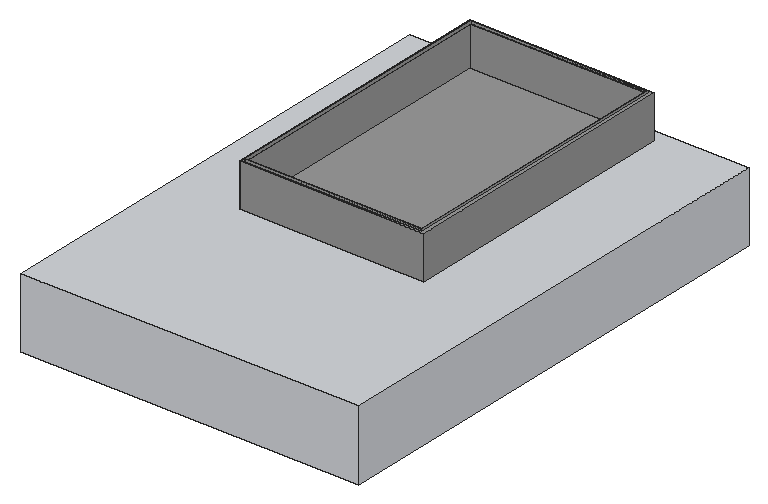
Revit family "Hager-Univers-IP30-D205-H1250-Cl.II-Encl-CH-de", category Equipement électrique, Revit 2020
Family settings
  Hôte = Face
  Configuration du panneau = Deux colonnes, circuits au sein
  Cote de connecteur circulaire = Utiliser le diamètre
  Type d'élément = Tableau de raccordement
  Couper avec des vides une fois chargée = Non
  Partagée = Non
  Point de calcul de pièce = Non
Parameters (values of type "Aufputz IP30 B800 H1250 T205  - FP83Q1S")
  Width Control [instance] = if([EF000008 - Breite] > Min Width, [EF000008 - Breite], Min Width)  # 800 mm
  Commentaires du type = [HG000003 - Bereich]  # "Univers"
  Thickness Door [instance] = if([EF009171 - Materialstärke Tür/Deckel] > 3 mm, 3 mm, [EF009171 - Materialstärke Tür/Deckel])  # 1 mm
  Seal Frame Offset [instance] = 17 mm  # constant formula
  Plinth Visibility [instance] = [HG000027 - Sockelhöhe] > 0 mm  # no
  Model = ""
  Min Width [instance] = 100 mm  # constant formula
  Min Height [instance] = 100 mm  # constant formula
  Min Depth [instance] = (2 * [EF009170 - Materialstärke Gehäuse]) + 1 mm  # 3 mm
  Internal Frame Depth [instance] = (Door System Depth * 0.5)  # 9 mm
  Height Control [instance] = if([EF000040 - Höhe] > Min Height, [EF000040 - Höhe], Min Height)  # 1250 mm
  HG000027 - Sockelhöhe = 0 mm
  HG000026 - Stehend auf dem Boden = no
  HG000024 - Höhe des unteren Teils = 800 mm
  HG000023 - Gehäuse mit doppeltem Querschnitt = no
  HG000016 - 3D-Türsichtbarkeit [instance] = yes
  HG000015 - Sichtbarkeit der Türöffnung [instance] = no
  HG000014 - Tür rechts [instance] = yes
  HG000013 - Tür links [instance] = not([HG000014 - Tür rechts])  # no
  HG000012 - Türschwenkwinkel [instance] = 30.00°
  HG000010 - Asymmetrische Türen = no
  HG000009 - Doppelflügeligen Tür = no
  HG000006 - Unterputz = no
  HG000004 - Herstellerreferenz = "FP83Q1S"
  HG000003 - Bereich = "Univers"
  HG000002 - Mit tür = no
  Frame Offset Bottom [instance] = 10 mm  # constant formula
  Frame Offset [instance] = 15 mm  # constant formula
  EF015940 - Deckel mit Überdruckentlastung = no
  EF011959 - Schutzart (NEMA) = ""
  EF009554 - Anzahl der Öffnungen für Flanschplatten = 6
  Fabricant = "Hager"  # constant formula
  EF009212 - Ausführung Deckel = "EV009916 - mit Ausschnitt"
  EF009171 - Materialstärke Tür/Deckel = 1 mm
  EF009170 - Materialstärke Gehäuse = 1 mm
  EF008873 - Nennstrom (In) = 250 A
  EF007800 - Geeignet für Blitzschutz = no
  EF006306 - Mit Schloss = no
  EF006244 - Transparenter Deckel/Tür = no
  EF005474 - Schutzart (IP) = "EV006410 - IP30"
  EF004464 - Art der Tür = "EV000494 - ohne"
  EF004427 - Anzahl der Module = 288
  EF004293 - Schlagfestigkeit = "EV006813 - IK07"
  EF003532 - Geeignet für Außengebrauch = no
  EF002950 - Breite in Teilungseinheiten = 36
  EF001613 - Funktionserhalt = "EV000494 - ohne"
  EF001596 - Werkstoff des Gehäuses = "EV000179 - Stahl"
  EF001131 - Innentiefe = 130 mm
  EF001088 - Anbaumöglichkeit = yes
  EF000437 - Anzahl der Leitungseinführungen = 6
  EF000339 - Art der Abdeckung = "EV000494 - ohne"
  EF000266 - Anzahl der Reihen = 8
  EF000218 - Einbautiefe = 0 mm
  EF000118 - Mit Montageplatte = no
  EF000116 - RAL-Nummer = "9010"
  EF000049 - Tiefe = 205 mm
  EF000040 - Höhe = 1250 mm
  EF000008 - Breite = 800 mm
  EF000007 - Farbe = "EV000202 - weiß"
  EF000003 - Montageart = "EV000384 - Aufputz"
  Door System Leaf Tolerance [instance] = 1.5 mm  # constant formula
  Door System Depth [instance] = 18 mm  # constant formula
  Door Height [instance] = Height Control - [HG000027 - Sockelhöhe]  # 1250 mm
  Depth Control [instance] = if([EF000049 - Tiefe] > Min Depth, [EF000049 - Tiefe], Min Depth)  # 205 mm
  Default Elevation = 0 mm
  Connector Offset [instance] = Height Control / 2  # 625 mm
  Bottom Top Plate Trim [instance] = 1.5 mm  # constant formula
  Plinth height Ctrl [instance] = if([HG000027 - Sockelhöhe] > 0 mm, [HG000027 - Sockelhöhe], 12 mm)  # 12 mm
Types (5, lengths in mm): name | Width Control | HG000004 - Herstellerreferenz | EF009554 - Anzahl der Öffnungen für Flanschplatten | EF004427 - Anzahl der Module | EF002950 - Breite in Teilungseinheiten | EF000437 - Anzahl der Leitungseinführungen | EF000008 - Breite
  Aufputz IP30 B1050 H1250 T205  - FP84Q1S | 1050 | "FP84Q1S" | 8 | 384 | 48 | 8 | 1050
  Aufputz IP30 B1300 H1250 T205  - FP85Q1S | 1300 | "FP85Q1S" | 10 | 480 | 60 | 10 | 1300
  Aufputz IP30 B300 H1250 T205  - FP81Q1S | 300 | "FP81Q1S" | 2 | 96 | 12 | 2 | 300
  Aufputz IP30 B550 H1250 T205  - FP82Q1S | 550 | "FP82Q1S" | 4 | 192 | 24 | 4 | 550
  Aufputz IP30 B800 H1250 T205  - FP83Q1S | 800 | "FP83Q1S" | 6 | 288 | 36 | 6 | 800
Reference planes
  plane 1 "Center (Front/Back)": y = 0
  plane 2: z = 0
  plane 3 "Center (Left/Right)": x = 0
  plane 4: z = 205
  plane 5: y = 1
  plane 6: y = 625
  plane 7: y = 0
  plane 8: y = 1250
  plane 9: z = 0
  plane 10: x = -385
  plane 11: x = 385
  plane 12: x = 384
  plane 13: x = -384
  plane 14: y = 1249
  plane 15: x = -383
  plane 16: x = -400
  plane 17: x = 383
  plane 18: x = 400
  plane 19: x = 399
  plane 20: x = -399
  plane 21: y = 11
  plane 22: y = 1250
  plane 23: y = 1234
  plane 24: z = 187
  plane 25: z = 1
  plane 26: z = 186
  plane 27: z = 204
Forms (mm)
  Extrusion 1, solid
    sketch origin (0, 0, 0) x (1, 0, 0) y (0, 1, 0)
      loop
        line (-702.964, 1305) -> (-702.964, -811.445) -> (766.763, -811.445) -> (766.763, 1305) -> (-702.964, 1305)
    from 0 to -304.8
  Extrusion 2, solid, material "Hager_Steel_RAL7035_Light_Grey", visible <- "Plinth Visibility", detail levels medium+fine
    sketch origin (0, 0, 0) x (1, 0, 0) y (0, 1, 0)
      loop
        line (-400, 0) -> (400, 0) -> (400, 12) -> (-400, 12) -> (-400, 0)
    from 0 to 187
  Extrusion 3, solid, material "Hager_Steel_RAL7035_Light_Grey", detail levels medium+fine
    sketch origin (0, 0, 0) x (1, 0, 0) y (0, 1, 0)
      loop
        line (-400, 0) -> (400, 0) -> (400, 1250) -> (-400, 1250) -> (-400, 0)
    from 0 to 187
  Extrusion 4, void
    sketch origin (0, 0, 0) x (1, 0, 0) y (0, 1, 0)
      loop
        line (-399, 1) -> (399, 1) -> (399, 1249) -> (-399, 1249) -> (-399, 1)
    from 1 to 186
  Extrusion 5, void
    sketch origin (-381.607, -4572, 187) x (0, -1, 0) y (-1, 0, 0)
      loop
        line (-4583, 2.393) -> (-5806, 2.393) -> (-5806, -765.607) -> (-4583, -765.607) -> (-4583, 2.393)
    from 0 to 1 <- "EF009170 - Materialstärke Gehäuse"
  Extrusion 6, solid, material "Hager_Steel_RAL7035_Light_Grey", detail levels fine
    sketch origin (0, 0, 187) x (1, 0, 0) y (0, 1, 0)
      loop
        line (-384, 1234) -> (-384, 11) -> (384, 11) -> (384, 1234) -> (-384, 1234)
      loop
        line (-385, 10) -> (385, 10) -> (385, 1235) -> (-385, 1235) -> (-385, 10)
    from 0 to 9 <- "Internal Frame Depth"
  Extrusion 7, solid, material "Hager_Steel_RAL7035_Light_Grey", detail levels coarse
    sketch origin (0, 0, 0) x (1, 0, 0) y (0, 1, 0)
      loop
        line (-400, 0) -> (400, 0) -> (400, 1250) -> (-400, 1250) -> (-400, 0)
    from 0 to 205
  Sweep 8, void
    path in 3D
      loop
        line (-400, 12, 0) -> (400, 12, 0) -> (400, 12, 187) -> (-400, 12, 187) -> (-400, 12, 0)
    profile origin (-400, 12, 93.5) x (-1, 0, 0) y (0, -1, 0)
      loop
        line (0, 0) -> (0, 1.5) -> (-1.5, 1.5)
        arc (-1.5, 1.5) -> (-1.061, 0.439) -> (0, 0) r 1.5
Cuts and joins
  Extrusion 4, Extrusion 5 cuts Extrusion 3
  Sweep 8 cuts Extrusion 2
Lines and regions (mm)
  Masking region 1
    outline origin (0, 0, 0) x (1, 0, 0) y (0, 0, 1)
      loop
        line (-400, 205) -> (-400, 0) -> (400, 0) -> (400, 205) -> (-400, 205)
  Masking region 2, detail levels medium+fine
    outline origin (0, 140, 0) x (0, 1, 0) y (0, 0, 1)
      loop
        line (-140, 0) -> (1110, 0) -> (1110, 187) -> (-140, 187) -> (-140, 0)
  Masking region 3, not visible, detail levels medium+fine
    outline origin (0, 297.922, 0) x (0, 1, 0) y (0, 0, 1)
      loop
        line (338.578, 0) -> (378.578, 0) -> (378.578, 194)
        arc (378.578, 194) -> (375.649, 201.071) -> (368.578, 204) r 10
        line (368.578, 204) -> (338.578, 204) -> (338.578, 0)
  Masking region 4, detail levels coarse
    outline origin (0, 0, 180) x (0, 1, 0) y (0, 0, 1)
      loop
        line (0, -180) -> (1250, -180) -> (1250, 25) -> (0, 25) -> (0, -180)
  Masking region 5, visible <- "Plinth Visibility", detail levels medium+fine
    outline origin (0, 52.24, 12.345) x (0, 0, -1) y (0, 1, 0)
      loop
        line (10.845, -40.24) -> (-173.155, -40.24)
        arc (-173.155, -40.24) -> (-173.594, -41.301) -> (-174.655, -41.74) r 1.5
        line (-174.655, -41.74) -> (-174.655, -52.24) -> (12.345, -52.24) -> (12.345, -41.74)
        arc (12.345, -41.74) -> (11.285, -41.301) -> (10.845, -40.24) r 1.5
  Masking region 6, detail levels medium+fine
    outline origin (-381.607, -4572, 187) x (-1, 0, 0) y (0, -1, 0)
      loop
        line (18.393, -5822) -> (18.393, -4572) -> (-781.607, -4572) -> (-781.607, -5822) -> (18.393, -5822)
  Masking region 7, visible <- "Plinth Visibility", detail levels medium+fine
    outline origin (-381.607, -4727, 187) x (-1, 0, 0) y (0, -1, 0)
      loop
        arc (16.893, -4739) -> (17.332, -4737.939) -> (18.393, -4737.5) r 1.5
        line (18.393, -4737.5) -> (18.393, -4727) -> (-781.607, -4727) -> (-781.607, -4737.5)
        arc (-781.607, -4737.5) -> (-780.546, -4737.939) -> (-780.107, -4739) r 1.5
        line (-780.107, -4739) -> (16.893, -4739)
  Masking region 8, detail levels coarse
    outline origin (-442.548, -4669.526, 187) x (-1, 0, 0) y (0, -1, 0)
      loop
        line (-42.548, -5919.526) -> (-42.548, -4669.526) -> (-842.548, -4669.526) -> (-842.548, -5919.526) -> (-42.548, -5919.526)
  sketch lines
    curve 1: line (-400, 12, 187) -> (-400, 12, 0)
    curve 2: line (400, 12, 187) -> (-400, 12, 187)
    curve 3: line (400, 12, 187) -> (400, 12, 0)
    curve 4: line (-400, 12, 0) -> (400, 12, 0)
Dimensions and locks
  "Depth Control": plane 4 to Extrusion 1
  "HG000027 - Sockelhöhe": plane 1 "Center (Front/Back)" to plane 7
  "EF009170 - Materialstärke Gehäuse": plane 5 to plane 7
  locked: connector elem to plane 3 "Center (Left/Right)"
  equal spacing: plane 8, plane 6, plane 7
  locked: connector elem to plane 6
  "EF009170 - Materialstärke Gehäuse": plane 8 to plane 14
  "EF009170 - Materialstärke Gehäuse": plane 10 to plane 13
  "EF009170 - Materialstärke Gehäuse": plane 12 to plane 11
  "Frame Offset": plane 20 to plane 13
  "Frame Offset": plane 12 to plane 19
  "EF009170 - Materialstärke Gehäuse": plane 16 to plane 20
  "EF009170 - Materialstärke Gehäuse": plane 19 to plane 18
  "Seal Frame Offset": plane 16 to plane 15
  "Seal Frame Offset": plane 17 to plane 18
  "Frame Offset Bottom": plane 21 to plane 5
  "Frame Offset": plane 14 to plane 23
  equal spacing: plane 16, plane 3 "Center (Left/Right)", plane 18
  "Width Control": plane 16 to plane 18
  "EF009170 - Materialstärke Gehäuse": plane 4 to plane 27
  "EF009170 - Materialstärke Gehäuse": plane 24 to plane 26
  "EF009170 - Materialstärke Gehäuse": plane 25 to level
  "Door System Depth": plane 4 to plane 24
  "Height Control": plane 1 "Center (Front/Back)" to Extrusion 7 sketch curve
  "Height Control": Masking region 4 sketch curve to plane 1 "Center (Front/Back)"
  "Height Control": plane 1 "Center (Front/Back)" to plane 22
  "Bottom Top Plate Trim": profile plane to Sweep 8 sketch curve
  "Bottom Top Plate Trim": Sweep 8 sketch curve to profile plane
  "Plinth height Ctrl": plane 1 "Center (Front/Back)" to Extrusion 2 sketch curve
  "Plinth height Ctrl": Masking region 5 sketch curve to plane 1 "Center (Front/Back)"
  "Plinth height Ctrl": plane 1 "Center (Front/Back)" to Masking region 7 sketch curve
  "Thickness Door": Extrusion 6 sketch curve to Extrusion 6 sketch curve  (x3)
  "Thickness Door": cut or joined group of Extrusion 3, Extrusion 4, Extrusion 5 to Extrusion 6 sketch curve
  radius of Masking region 3 sketch curve = 10 mm
  "Bottom Top Plate Trim": radius of Masking region 5 sketch curve  (x2)
  "Bottom Top Plate Trim": radius of Sweep 8 sketch curve
  "Bottom Top Plate Trim": radius of Masking region 7 sketch curve  (x2)
  aligned and locked: plane 2 to Extrusion 1
  aligned and locked: level to Extrusion 1
  aligned and locked: level to Masking region 1 sketch curve
  aligned and locked: Masking region 1 sketch curve to plane 18
  aligned and locked: Masking region 1 sketch curve to plane 16
  aligned and locked: plane 7 to Masking region 2 sketch curve
  aligned and locked: level to Masking region 3 sketch curve
  aligned and locked: Masking region 3 sketch curve to plane 27
  aligned and locked: level to Masking region 2 sketch curve
  aligned and locked: plane 1 "Center (Front/Back)" to Extrusion 2 sketch curve
  aligned and locked: Extrusion 3 sketch curve to plane 7
  aligned and locked: plane 16 to Extrusion 3 sketch curve
  aligned and locked: plane 18 to Extrusion 3 sketch curve
  aligned and locked: plane 20 to Extrusion 4 sketch curve
  aligned and locked: plane 19 to Extrusion 4 sketch curve
  aligned and locked: Extrusion 4 sketch curve to plane 5
  aligned and locked: Extrusion 4 to plane 25
  aligned and locked: plane 26 to Extrusion 4
  aligned and locked: plane 24 to Extrusion 3
  aligned and locked: Extrusion 5 sketch curve to plane 21
  aligned and locked: Extrusion 5 sketch curve to plane 13
  aligned and locked: Extrusion 5 sketch curve to plane 12
  aligned and locked: plane 18 to Extrusion 7 sketch curve
  aligned and locked: plane 1 "Center (Front/Back)" to Extrusion 7 sketch curve
  aligned and locked: plane 16 to Extrusion 7 sketch curve
  aligned and locked: plane 4 to Extrusion 7
  aligned and locked: Extrusion 7 to level
  aligned and locked: level to Masking region 4 sketch curve
  aligned and locked: Masking region 4 sketch curve to plane 1 "Center (Front/Back)"
  aligned and locked: Masking region 4 sketch curve to plane 4
  aligned and locked: nested 1 to level
  aligned and locked: nested 1 to plane 16
  aligned and locked: plane 8 to Extrusion 3 sketch curve
  aligned and locked: plane 23 to Extrusion 5 sketch curve
  aligned and locked: plane 14 to Extrusion 4 sketch curve
  aligned and locked: Masking region 2 sketch curve to plane 8
  aligned and locked: level to Masking region 5 sketch curve
  aligned and locked: plane 16 to Extrusion 2 sketch curve
  aligned and locked: plane 18 to Extrusion 2 sketch curve
  aligned and locked: Masking region 5 sketch curve to plane 24
  aligned and locked: Masking region 2 sketch curve to plane 24
  aligned and locked: plane 24 to Extrusion 2
  aligned and locked: profile plane to Sweep 8 sketch curve  (x2)
  aligned and locked: Masking region 6 sketch curve to plane 18
  aligned and locked: Masking region 6 sketch curve to plane 22
  aligned and locked: Masking region 6 sketch curve to plane 16
  aligned and locked: plane 8 to plane 22
  aligned and locked: Masking region 6 sketch curve to plane 7
  aligned and locked: Masking region 7 sketch curve to plane 16
  aligned and locked: Masking region 7 sketch curve to plane 1 "Center (Front/Back)"
  aligned and locked: Masking region 7 sketch curve to plane 18
  aligned and locked: Masking region 8 sketch curve to plane 1 "Center (Front/Back)"
  aligned and locked: Masking region 8 sketch curve to plane 18
  aligned and locked: Masking region 8 sketch curve to plane 22
  aligned and locked: Masking region 8 sketch curve to plane 16
  aligned and locked: nested 2 to plane 7
  aligned and locked: plane 3 "Center (Left/Right)" to nested 2
  aligned and locked: nested 2 to plane 24
  aligned and locked: Extrusion 6 sketch curve to cut or joined group of Extrusion 3, Extrusion 4, Extrusion 5  (x4)
Automatic sketch dimensions
  Extrusion 1 sketch curve to Extrusion 1 sketch curve = 1469.727 mm
  Extrusion 1 sketch curve to Extrusion 1 sketch curve = 2116.445 mm
  Masking region 1 sketch curve to plane 4 = 0 mm
  plane 6 to Masking region 3 sketch curve = 11.5 mm
  Masking region 3 sketch curve to Masking region 3 sketch curve = 30 mm
  Masking region 5 sketch curve to plane 1 "Center (Front/Back)" = 0 mm
Nested families
  nested 1: "Hager_Enclosure_Symbol" at (-400, 0, 0) x (1, 0, 0) z (0, -1, 0), Height <- "Depth Control", Width <- "Width Control", type "Hager_Enclosure_Symbol"
    with Width_Ctrl 800 mm, Width 800 mm, Height_Ctrl 205 mm, Height 205 mm, A_Width_Int 13.453 mm, A_Width 161.438 mm, A_Height_Ctrl 179.375 mm, A_Height 179.375 mm
  nested 2: "EC000058_Univers_Door" at (0, 0, 187) x (1, 0, 0) z (0, 1, 0), Leaf_Tolerance <- "Door System Leaf Tolerance", Angle <- "HG000012 - Türschwenkwinkel", Door_Depth <- "Door System Depth", Door_Left <- "HG000013 - Tür links", Transparent <- "EF006244 - Transparenter Deckel/Tür", Assymetrical <- "HG000010 - Asymmetrische Türen", Width <- "Width Control", Clearance <- "HG000015 - Sichtbarkeit der Türöffnung", Double <- "HG000009 - Doppelflügeligen Tür", 3d_Door <- "HG000016 - 3D-Türsichtbarkeit", Lock_Visibility <- "EF006306 - Mit Schloss", Width_Ctrl <- "Width Control", Door_Right <- "HG000014 - Tür rechts", Door <- "HG000002 - Mit tür", Height <- "Door Height", Thickness <- "Thickness Door", type "EC000058_Univers_Door", detail levels medium+fine
    with min_wh 3 mm, Width_Ctrl 800 mm, Width 800 mm, Transparent no, Thickness 1 mm, Seal_Material Hager_Rubber, Lock_Visibility no, Lock_Material Hager_Plastic_RAL9005_Jet_Black, Leaf_Width 800 mm, Leaf_Tolerance_External_Sides 0 mm, Leaf_Tolerance 1.5 mm, Leaf_Offset 0 mm, Leaf_Height 1247 mm, Leaf_2_Width 800 mm, Leaf_2_Offset 400 mm, Leaf_1_Width 800 mm, Leaf_1_Offset 400 mm, Height_Ctrl 1250 mm, Height 1250 mm, Glass_Material Hager_Glass, Double_Clearance_Ctrl no, Double no, Door_Right_Ctrl no, Door_Right yes, Door_Material Hager_Steel_RAL7035_Light_Grey, Door_Left_Ctrl no, Door_Left no, Door_Depth 18 mm, Door no, Clearance_Material Hager_Clearance, Clearance_Depth 800 mm, Clearance_Ctrl no, Clearance no, Assymetrical no, Angle 30.00°, 3d_Door yes
Connectors
  electrical at (0, 625, 0)
    settings: on plane 9, index 1, voltage 0 V, apparent load 0 VA, apparent load phase1 0 VA, apparent load phase2 0 VA, apparent load phase3 0 VA, power factor 1, load classification "Other", number of poles 1, system type 30, power factor state 1, is connector primary yes, connector utility no, sub classification motor no, connector description ""
Definition of nested family "Hager_Enclosure_Symbol"
  Parameters (values of type "Hager_Enclosure_Symbol")
    Width_Ctrl [instance] = if(Width > 1 mm, Width, 1 mm)  # 102.27 mm
    Width [instance] = 102.27 mm
    Height_Ctrl [instance] = if(Height > 1 mm, Height, 1 mm)  # 66.5 mm
    A_Width_Int [instance] = if(A_Width / 12 > 2 mm, A_Width / 12, 2 mm)  # 4.364 mm
    A_Width [instance] = if(A_Height_Ctrl * 0.9 > 2 mm, A_Height_Ctrl * 0.9, 2 mm)  # 52.369 mm
    A_Height_Ctrl [instance] = if(A_Height > 2 mm, A_Height, 2 mm)  # 58.188 mm
    Height [instance] = 66.5 mm
    A_Height [instance] = Height - (Height / 8)  # 58.188 mm
  Reference planes
    plane 1 "Centre (avant/arrière)": y = 0
    plane 2: z = 0
    plane 3 "Centre (gauche/droite)": x = 0
    plane 4: x = 52.369
    plane 5: y = 33.042
    plane 6: y = 41.77
    plane 7: y = 66.5
    plane 8: x = 26.184
    plane 9: y = 37.406
    plane 10: x = 102.27
    plane 11: y = 66.5
    plane 12: y = 8.313
  Lines and regions (mm)
    Filled region 1, type "Solid_Black", in view "Niveau de réf."
      outline origin (0, 0, 0) x (1, 0, 0) y (0, 1, 0)
        loop
          line (52.369, 66.5) -> (33.188, 54.536) -> (45.365, 45.006) -> (52.369, 66.5)
    Filled region 2, type "Solid_Black", in view "Niveau de réf."
      outline origin (0, 0, 0) x (1, 0, 0) y (0, 1, 0)
        loop
          line (0, 0) -> (102.27, 0) -> (102.27, 66.5) -> (0, 0)
    detail lines, in view "Niveau de réf."
      curve 1: line (0, 8.313, 0) -> (26.184, 41.77, 0)
      curve 2: line (26.184, 41.77, 0) -> (26.184, 33.042, 0)
      curve 3: line (26.184, 33.042, 0) -> (52.369, 66.5, 0)
  Dimensions and locks
    "A_Width": plane 3 "Centre (gauche/droite)" to plane 4
    equal spacing: plane 3 "Centre (gauche/droite)", plane 8, plane 4
    equal spacing: plane 6, plane 9, plane 5
    equal spacing: curve 3, Filled region 1 sketch curve, Filled region 1 sketch curve
    "Height_Ctrl": plane 1 "Centre (avant/arrière)" to plane 11
    "A_Height_Ctrl": plane 11 to plane 12
    equal spacing: plane 11, plane 9, plane 12
    "A_Width_Int": plane 6 to plane 9
    "Width_Ctrl": plane 3 "Centre (gauche/droite)" to plane 10
    angle Filled region 1 sketch curve to curve 3 = 20.00°
    angle curve 3 to Filled region 1 sketch curve = 20.00°
    locked: curve 3 to Filled region 1 sketch curve (angle 90.00°)
    aligned and locked: plane 10 to Filled region 2
    aligned and locked: plane 11 to Filled region 2 sketch curve
    aligned and locked: plane 10 to Filled region 2 sketch curve
    aligned and locked: plane 3 "Centre (gauche/droite)" to curve 1
    aligned and locked: plane 12 to curve 1
    aligned and locked: plane 7 to plane 11
  Automatic sketch dimensions
    Filled region 1 sketch curve to plane 4 = 0 mm
    Filled region 1 sketch curve to plane 7 = 0 mm
    plane 1 "Centre (avant/arrière)" to Filled region 2 sketch curve = 0 mm
    Filled region 2 sketch curve to plane 3 "Centre (gauche/droite)" = 0 mm
    curve 2 to plane 6 = 0 mm
    curve 2 to plane 8 = 0 mm
    curve 3 to plane 4 = 0 mm
    curve 2 to plane 5 = 0 mm
    curve 3 to plane 7 = 0 mm
Definition of nested family "EC000058_Univers_Door"
  Parameters (values of type "EC000058_Univers_Door")
    min_wh [instance] = (2 * Thickness) + 1 mm  # 11 mm
    Width_Ctrl [instance] = 400 mm
    Width [instance] = 500 mm
    Transparent [instance] = yes
    Thickness [instance] = 5 mm
    Seal_Material [instance] = none
    Lock_Visibility [instance] = yes
    Lock_Material [instance] = none
    Leaf_Width [instance] = if((Width_Ctrl - 2 * Leaf_Tolerance_External_Sides) > 0 mm, (Width_Ctrl - 2 * Leaf_Tolerance_External_Sides), min_wh)  # 400 mm
    Leaf_Tolerance_External_Sides [instance] = 0 mm  # constant formula
    Leaf_Tolerance [instance] = 1.5 mm
    Leaf_Offset [instance] = 0 mm  # constant formula
    Leaf_Height [instance] = if((Height_Ctrl - 2 * Leaf_Tolerance) > 0 mm, (Height_Ctrl - 2 * Leaf_Tolerance), min_wh)  # 497 mm
    Leaf_2_Width [instance] = if(and(and(Double, Assymetrical), Door_Left), (Leaf_Width / 3) - (Leaf_Tolerance / 2), if(and(and(Double, Assymetrical), Door_Right), (Leaf_Width / 3) * 2 - (Leaf_Tolerance / 2), if(and(Double, not(Assymetrical)), (Leaf_Width / 2) - Leaf_Tolerance, Leaf_Width)))  # 400 mm
    Leaf_2_Offset [instance] = if(and(Double, Assymetrical), Leaf_2_Width / 2, if(and(Double, not(Assymetrical)), Leaf_Width / 4, Leaf_Width / 2))  # 200 mm
    Leaf_1_Width [instance] = if(and(and(Double, Assymetrical), Door_Right), (Leaf_Width / 3) - (Leaf_Tolerance / 2), if(and(and(Double, Assymetrical), Door_Left), (Width / 3) * 2 - (Leaf_Tolerance / 2), if(and(Double, not(Assymetrical)), (Leaf_Width / 2) - Leaf_Tolerance, Leaf_Width)))  # 400 mm
    Leaf_1_Offset [instance] = if(and(Double, Assymetrical), Leaf_1_Width / 2, if(and(Double, not(Assymetrical)), Leaf_Width / 4, Leaf_Width / 2))  # 200 mm
    Height_Ctrl [instance] = if(Height > min_wh, Height, min_wh)  # 500 mm
    Height [instance] = 500 mm
    Glass_Material [instance] = none
    Double_Clearance_Ctrl [instance] = and(Double, Clearance)  # no
    Double [instance] = no
    Door_Right_Ctrl [instance] = and(or(Door_Right, Double), Door)  # yes
    Door_Right [instance] = yes
    Door_Material [instance] = none
    Door_Left_Ctrl [instance] = and(or(Door_Left, Double), Door)  # no
    Door_Left [instance] = no
    Door_Depth [instance] = 30 mm
    Door [instance] = yes
    Default Elevation = 1219.2 mm
    Clearance_Material [instance] = none
    Clearance_Depth [instance] = if(Leaf_1_Width > Leaf_2_Width, Leaf_1_Width, Leaf_2_Width)  # 400 mm
    Clearance_Ctrl [instance] = and(not(Double), Clearance)  # yes
    Clearance [instance] = yes
    Assymetrical [instance] = yes
    Angle [instance] = 30.00°
    3d_Door [instance] = yes
  Reference planes
    plane 1 "Center (Front/Back)": y = 0
    plane 2 "Bottom": z = 0
    plane 3 "Center (Left/Right)": x = 0
    plane 4: z = 500
    plane 5: x = -200
    plane 6: x = 200
    plane 7: z = 500
    plane 8: x = -200
    plane 9: z = 0
    plane 10: x = 200
    plane 11: y = 0
    plane 12: z = 1.5
    plane 13: x = -600
    plane 14: y = -400
    plane 15: x = 600
    plane 16: x = 0
    plane 17: x = 0
    plane 18: x = -200
    plane 19: x = 200
    plane 20: z = 498.5
  Forms (mm)
    Extrusion 1, solid, material <- "Clearance_Material", visible <- "Double_Clearance_Ctrl"
      sketch origin (1200, 0, 0) x (1, 0, 0) y (0, 0, -1)
        loop
          line (-1800, -498.5) -> (-600, -498.5) -> (-600, 0) -> (-1800, 0) -> (-1800, -498.5)
      from 0 to -400
  Dimensions and locks
    equal spacing: plane 5, plane 3 "Center (Left/Right)", plane 6
    "Width_Ctrl": plane 5 to plane 6
    "Leaf_Offset": plane 5 to plane 8
    "Leaf_Offset": plane 6 to plane 10
    "Leaf_Offset": plane 9 to level
    "Leaf_Offset": plane 4 to plane 7
    "Height_Ctrl": plane 4 to level
    "Leaf_Tolerance": plane 12 to plane 9
    locked: plane 11 to plane 1 "Center (Front/Back)"
    "Leaf_1_Offset": plane 18 to plane 16
    "Leaf_2_Offset": plane 17 to plane 19
    "Leaf_1_Width": plane 13 to plane 8
    "Leaf_2_Width": plane 10 to plane 15
    "Clearance_Depth": plane 14 to plane 1 "Center (Front/Back)"
    "Leaf_Tolerance_External_Sides": plane 8 to plane 18
    "Leaf_Tolerance_External_Sides": plane 19 to plane 10
    "Leaf_Tolerance": plane 7 to plane 20
    aligned and locked: level to plane 2 "Bottom"
    aligned and locked: nested 1 to plane 16
    aligned and locked: nested 2 to plane 17
    aligned and locked: Extrusion 1 to plane 13
    aligned and locked: plane 15 to Extrusion 1
    aligned and locked: Extrusion 1 to plane 14
    aligned and locked: plane 12 to nested 1
    aligned and locked: nested 2 to plane 12
    aligned and locked: Extrusion 1 to plane 11
    aligned and locked: plane 20 to Extrusion 1
    aligned and locked: nested 2 to plane 11
    aligned and locked: nested 1 to plane 11
  Automatic sketch dimensions
    Extrusion 1 sketch curve to level = 0 mm
    plane 5 to Extrusion 1 sketch curve = 400 mm
    plane 6 to Extrusion 1 sketch curve = 400 mm
    Extrusion 1 sketch curve to plane 4 = 1.5 mm
  Nested families
    nested 1: "EC000058_Univers_Door_Leaf" at (0, 0, 1.5), Width <- "Leaf_1_Width", visible <- "Door_Left_Ctrl", Leaf_Height <- "Leaf_Height", Angle <- "Angle", 3d_Door <- "3d_Door", Transparent <- "Transparent", Clearance Material <- "Clearance_Material", Clearance <- "Clearance_Ctrl", Door_Material <- "Door_Material", Glass_Material <- "Glass_Material", Door_Depth <- "Door_Depth", Lock_Material <- "Lock_Material", Seal_Material <- "Seal_Material", Lock_Visibility <- "Lock_Visibility", Thickness <- "Thickness", type "EC000058_Univers_Door_Leaf"
      with Width 400 mm, Transparent_Glass_Offset 30 mm, Transparent_Ctrl yes, Transparent yes, Thickness 5 mm, Standard no, Seal_Material none, Seal_D2 8 mm, Seal_D1 1 mm, Offset_Internal_Frame 10 mm, Lock_Width 20 mm, Lock_Visibility_3d yes, Lock_Visibility yes, Lock_Thickness_3 3 mm, Lock_Thickness_2 1 mm, Lock_Thickness_1 3 mm, Lock_Radius_Offset_2 16 mm, Lock_Radius_Offset_1 15 mm, Lock_Radius_2 5 mm, Lock_Radius 6 mm, Lock_Offset 5 mm, Lock_Material none, Lock_Height 80 mm, Lock_Cover_Top_Offset_2d 17 mm, Lock_Cover_Height -65 mm, Leaf_Height 497 mm, Internal_Seal_Thickness 8 mm, Internal_Seal_Depth_2 4.5 mm, Internal_Frame_Depth 25 mm, Glass_Thickness -1 mm, Glass_Offset -2 mm, Glass_Material none, Door_Material none, Door_Depth 30 mm, Clearance Material none, Clearance yes, Angle_Ctrl 30.00°, Angle 30.00°, 3d_Door yes
    nested 2: "EC000058_Univers_Door_Leaf" at (0, 0, 1.5) x (-1, 0, 0) z (0, 0, 1), Width <- "Leaf_2_Width", visible <- "Door_Right_Ctrl", Leaf_Height <- "Leaf_Height", Angle <- "Angle", 3d_Door <- "3d_Door", Transparent <- "Transparent", Clearance Material <- "Clearance_Material", Clearance <- "Clearance_Ctrl", Door_Material <- "Door_Material", Glass_Material <- "Glass_Material", Door_Depth <- "Door_Depth", Lock_Material <- "Lock_Material", Seal_Material <- "Seal_Material", Lock_Visibility <- "Lock_Visibility", Thickness <- "Thickness", type "EC000058_Univers_Door_Leaf"
      with Width 400 mm, Transparent_Glass_Offset 30 mm, Transparent_Ctrl yes, Transparent yes, Thickness 5 mm, Standard no, Seal_Material none, Seal_D2 8 mm, Seal_D1 1 mm, Offset_Internal_Frame 10 mm, Lock_Width 20 mm, Lock_Visibility_3d yes, Lock_Visibility yes, Lock_Thickness_3 3 mm, Lock_Thickness_2 1 mm, Lock_Thickness_1 3 mm, Lock_Radius_Offset_2 16 mm, Lock_Radius_Offset_1 15 mm, Lock_Radius_2 5 mm, Lock_Radius 6 mm, Lock_Offset 5 mm, Lock_Material none, Lock_Height 80 mm, Lock_Cover_Top_Offset_2d 17 mm, Lock_Cover_Height -65 mm, Leaf_Height 497 mm, Internal_Seal_Thickness 8 mm, Internal_Seal_Depth_2 4.5 mm, Internal_Frame_Depth 25 mm, Glass_Thickness -1 mm, Glass_Offset -2 mm, Glass_Material none, Door_Material none, Door_Depth 30 mm, Clearance Material none, Clearance yes, Angle_Ctrl 30.00°, Angle 30.00°, 3d_Door yes
  Definition of nested family "EC000058_Univers_Door_Leaf"
    Parameters (values of type "EC000058_Univers_Door_Leaf")
      Width [instance] = 2000 mm
      Transparent_Glass_Offset [instance] = 30 mm
      Transparent_Ctrl [instance] = and(Transparent, [3d_Door])  # yes
      Transparent [instance] = yes
      Thickness [instance] = 5 mm
      Standard [instance] = and(not(Transparent), [3d_Door])  # no
      Seal_Material [instance] = none
      Seal_D2 [instance] = 8 mm  # constant formula
      Seal_D1 [instance] = 1 mm  # constant formula
      Offset_Internal_Frame [instance] = 10 mm  # constant formula
      Lock_Width [instance] = 20 mm  # constant formula
      Lock_Visibility_3d [instance] = and(Lock_Visibility, [3d_Door])  # yes
      Lock_Visibility [instance] = yes
      Lock_Thickness_3 [instance] = 3 mm  # constant formula
      Lock_Thickness_2 [instance] = 1 mm  # constant formula
      Lock_Thickness_1 [instance] = 3 mm  # constant formula
      Lock_Radius_Offset_2 [instance] = Lock_Radius_Offset_1 + 1 mm  # 16 mm
      Lock_Radius_Offset_1 [instance] = 15 mm  # constant formula
      Lock_Radius_2 [instance] = Lock_Radius - 1 mm  # 5 mm
      Lock_Radius [instance] = 6 mm  # constant formula
      Lock_Offset [instance] = 5 mm  # constant formula
      Lock_Material [instance] = none
      Lock_Height [instance] = 80 mm  # constant formula
      Lock_Cover_Top_Offset_2d [instance] = Lock_Radius_Offset_2 + 1 mm  # 17 mm
      Lock_Cover_Height [instance] = -(Lock_Height - Lock_Radius_Offset_1)  # -65 mm
      Leaf_Height [instance] = 2720.336 mm
      Internal_Seal_Thickness [instance] = 8 mm  # constant formula
      Internal_Seal_Depth_2 [instance] = 4.5 mm  # constant formula
      Internal_Frame_Depth [instance] = if(Door_Depth - Thickness > 5 mm, Door_Depth - Thickness, 5 mm)  # 25 mm
      Glass_Thickness [instance] = if(Thickness > 15 mm, Glass_Offset + 10 mm, -1 mm)  # -1 mm
      Glass_Offset [instance] = if(Thickness > 15 mm, -(Thickness + 10 mm) / 2, -2 mm)  # -2 mm
      Glass_Material [instance] = none
      Door_Material [instance] = none
      Door_Depth [instance] = 30 mm
      Default Elevation = 0 mm
      Clearance Material [instance] = none
      Clearance [instance] = yes
      Angle_Ctrl [instance] = if(Angle > 180.00°, 180.00°, Angle)  # 90.00°
      Angle [instance] = 90.00°
      3d_Door [instance] = yes
    Reference planes
      plane 1 "Center (Front/Back)": y = 0
      plane 2: z = 0
      plane 3 "Center (Left/Right)": x = 0
      plane 4: y = 2000
      plane 5: x = -1000
      plane 6: x = 1000
      plane 7: x = -3000
      plane 8: z = 2720.336
      plane 9: z = 30
      plane 10: z = 2690.336
      plane 11: x = 970
      plane 12: x = -970
      plane 13: y = -3
      plane 14: z = 107.833
      plane 15: y = -5
      plane 16: y = -223.314
      plane 17: x = -1000
      plane 18: z = 1360.168
      plane 19: y = 30
    Forms (mm)
      Extrusion 1, solid, material <- "Clearance Material", visible <- "Clearance"
        sketch origin (0, 0, 0) x (1, 0, 0) y (0, 0, 1)
          loop
            line (-3000, 2720.336) -> (-3000, 0) -> (1000, 0) -> (1000, 2720.336) -> (-3000, 2720.336)
        from 0 to -2000
      Extrusion 2, solid, material <- "Door_Material", visible <- "Standard", detail levels medium+fine
        sketch origin (-1000, 0, 0) x (0, 1, 0) y (-1, 0, 0)
          loop
            line (0, 30) -> (0, 25) -> (2000, 25) -> (2000, 30) -> (0, 30)
        from 0 to 2720.336 <- "Leaf_Height"
      Extrusion 3, solid, material <- "Door_Material", visible <- "Transparent_Ctrl", detail levels medium+fine
        sketch origin (-1000, 0, 0) x (0, 1, 0) y (-1, 0, 0)
          loop
            line (0, 25) -> (2000, 25) -> (2000, 30) -> (0, 30) -> (0, 25)
        from 0 to 2720.336 <- "Leaf_Height"
      Extrusion 4, void
        sketch origin (-1025, 2000, 0) x (0, 1, 0) y (0, 0, -1)
          loop
            line (-30, -2690.336) -> (-30, -30) -> (-1970, -30) -> (-1970, -2690.336) -> (-30, -2690.336)
        from 0 to 5 <- "Thickness"
      Sweep 5, solid, material <- "Seal_Material", visible <- "Transparent_Ctrl", detail levels fine
        path in 3D
          loop
            line (-1025, 30, 30) -> (-1025, 30, 2690.336) -> (-1025, 1970, 2690.336) -> (-1025, 1970, 30) -> (-1025, 30, 30)
        profile origin (-1025, 1000, 30) x (1, 0, 0) y (0, 0, 1)
          loop
            line (0, 0) -> (0, -8) -> (1, -8) -> (1, 0) -> (0, 0)
      Extrusion 6, solid, material <- "Glass_Material", visible <- "Transparent_Ctrl", detail levels medium+fine
        sketch origin (-1030, 0, 0) x (0, 1, 0) y (0, 0, -1)
          loop
            line (1970, -2690.336) -> (1970, -30) -> (30, -30) -> (30, -2690.336) -> (1970, -2690.336)
        from -2 <- "Glass_Offset" to -1 <- "Glass_Thickness"
      Extrusion 7, solid, material <- "Door_Material", visible <- "3d_Door", detail levels medium+fine
        sketch origin (-1025, 2000, 0) x (0, -1, 0) y (0, 0, -1)
          loop
            line (0, -2720.336) -> (2000, -2720.336) -> (2000, 0) -> (0, 0) -> (0, -2720.336)
          loop
            line (1995, -5) -> (5, -5) -> (5, -2715.336) -> (1995, -2715.336) -> (1995, -5)
        from 0 to 25 <- "Internal_Frame_Depth"
      Sweep 8, solid, material <- "Seal_Material", visible <- "Transparent_Ctrl", detail levels fine
        path in 3D
          loop
            line (-1025, 0, 0) -> (-1025, 2000, 0) -> (-1025, 2000, 2720.336) -> (-1025, 0, 2720.336) -> (-1025, 0, 0)
        profile origin (-1025, 0, 1360.168) x (1, 0, 0) y (0, 1, 0)
          loop
            line (0, 10) -> (2.975, 10)
            arc (2.975, 10) -> (4.053, 10.447) -> (4.5, 11.525) r 1.525
            line (4.5, 11.525) -> (4.5, 16.527)
            arc (4.5, 16.527) -> (4.069, 17.569) -> (3.027, 18) r 1.473
            line (3.027, 18) -> (0, 18) -> (0, 10)
      Extrusion 9, solid, material <- "Lock_Material", visible <- "Lock_Visibility_3d", detail levels fine
        sketch origin (-1030, 0, 0) x (0, 1, 0) y (0, 0, -1)
          loop
            arc (1993.5, -1400.168) -> (1994.561, -1399.729) -> (1995, -1398.668) r 1.5
            line (1995, -1398.668) -> (1995, -1320.168) -> (1975, -1320.168) -> (1975, -1398.668)
            arc (1975, -1398.668) -> (1975.439, -1399.729) -> (1976.5, -1400.168) r 1.5
            line (1976.5, -1400.168) -> (1993.5, -1400.168)
        from 3 <- "Lock_Thickness_1" to 0
      Blend 10, solid, material <- "Lock_Material", visible <- "Lock_Visibility_3d", detail levels fine
        base sketch origin (-1033, 0, 0) x (0, 1, 0) y (0, 0, -1)
          loop
            line (1975, -1320.168) -> (1975, -1398.668)
            arc (1975, -1398.668) -> (1975.439, -1399.729) -> (1976.5, -1400.168) r 1.5
            line (1976.5, -1400.168) -> (1993.5, -1400.168)
            arc (1993.5, -1400.168) -> (1994.561, -1399.729) -> (1995, -1398.668) r 1.5
            line (1995, -1398.668) -> (1995, -1320.168) -> (1975, -1320.168)
        top sketch origin (-1033, 0, 0) x (0, 1, 0) y (0, 0, -1)
          loop
            line (1976, -1320.168) -> (1976, -1398.668)
            arc (1976, -1398.668) -> (1976.146, -1399.022) -> (1976.5, -1399.168) r 0.5
            line (1976.5, -1399.168) -> (1993.5, -1399.168)
            arc (1993.5, -1399.168) -> (1993.854, -1399.022) -> (1994, -1398.668) r 0.5
            line (1994, -1398.668) -> (1994, -1320.168) -> (1976, -1320.168)
        from 0 to 1 <- "Lock_Thickness_2"
      Blend 11, solid, material <- "Lock_Material", visible <- "Lock_Visibility_3d", detail levels fine
        base sketch origin (-1034, 0, 0) x (0, 1, 0) y (0, 0, -1)
          loop
            line (1978, -1320.168) -> (1978, -1384.168)
            arc (1978, -1384.168) -> (1985, -1391.168) -> (1992, -1384.168) r 7
            line (1992, -1384.168) -> (1992, -1320.168) -> (1978, -1320.168)
        top sketch origin (-1034, 0, 0) x (0, 1, 0) y (0, 0, -1)
          loop
            line (1991, -1320.168) -> (1979, -1320.168) -> (1979, -1383.168)
            arc (1979, -1383.168) -> (1985, -1389.168) -> (1991, -1383.168) r 6
            line (1991, -1383.168) -> (1991, -1320.168)
        from 0 to 3 <- "Lock_Thickness_3"
      Extrusion 12, solid, material <- "Lock_Material", visible <- "Lock_Visibility_3d", detail levels fine
        sketch origin (-1030, 1975, 1320.168) x (1, 0, 0) y (0, -1, 0)
          loop
            line (-7, -19) -> (-7, -1) -> (0, -1) -> (0, 0) -> (-8, 0) -> (-8, -20) -> (0, -20) -> (0, -19) -> (-7, -19)
        from 0 to -65 <- "Lock_Cover_Height"
      Extrusion 13, void
        sketch origin (-1038, 1995, 1320.168) x (-1, 0, 0) y (0, 0, -1)
          loop
            line (-5, -65) -> (0, -65) -> (-5, -60) -> (-5, -65)
        from 0 to 20 <- "Lock_Width"
      Extrusion 14, void
        sketch origin (-1038, 1975, 1320.168) x (0, -1, 0) y (0, 0, -1)
          loop
            circle (-10, -15.995) r 6
          loop
            circle (-10, -15.995) r 5
        from 0 to 2
      Extrusion 15, solid, material <- "Lock_Material", visible <- "Lock_Visibility_3d", detail levels medium
        sketch origin (-1030, 0, 0) x (0, 1, 0) y (0, 0, -1)
          loop
            arc (1993.5, -1400.168) -> (1994.561, -1399.729) -> (1995, -1398.668) r 1.5
            line (1995, -1398.668) -> (1995, -1320.168) -> (1975, -1320.168) -> (1975, -1398.668)
            arc (1975, -1398.668) -> (1975.439, -1399.729) -> (1976.5, -1400.168) r 1.5
            line (1976.5, -1400.168) -> (1993.5, -1400.168)
        from 8 to 0
    Cuts and joins
      Extrusion 4 cuts Extrusion 3
      Extrusion 13, Extrusion 14 cuts Extrusion 9
      Extrusion 14 cuts Blend 11
      Extrusion 13, Extrusion 14 cuts Extrusion 12
      joined: Extrusion 9, Blend 10, Blend 11, Extrusion 12
      Extrusion 14 cuts Extrusion 15
    Lines and regions (mm)
      Masking region 1, visible <- "Lock_Visibility", detail levels fine
        outline origin (0, 0, 0) x (0, 1, 0) y (0, 0, 1)
          loop
            line (30, 1320.168) -> (33, 1320.168) -> (33, 1400.168) -> (30, 1400.168) -> (30, 1320.168)
      Masking region 2, visible <- "Lock_Visibility", detail levels fine
        outline origin (0, 3.143, 0) x (0, 1, 0) y (0, 0, 1)
          loop
            line (29.857, 1354.168) -> (30.857, 1354.168) -> (30.857, 1366.168) -> (29.857, 1366.168) -> (29.857, 1354.168)
      Masking region 3, detail levels medium+fine
        outline origin (0, 0, 0) x (0, 1, 0) y (0, 0, 1)
          loop
            line (0, 0) -> (30, 0) -> (30, 2720.336) -> (0, 2720.336) -> (0, 0)
      Masking region 4, detail levels medium+fine
        outline origin (0, 0, 0) x (1, 0, 0) y (0, 0, 1)
          loop
            line (-1000, 2720.336) -> (-1000, 0) -> (1000, 0) -> (1000, 2720.336) -> (-1000, 2720.336)
      Masking region 5, visible <- "Lock_Visibility", detail levels fine
        outline origin (-47.116, 0, 0) x (1, 0, 0) y (0, 0, 1)
          loop
            arc (1024.616, 1399.168) -> (1023.556, 1398.729) -> (1023.116, 1397.668) r 1.5
            line (1023.116, 1397.668) -> (1023.116, 1320.168) -> (1041.116, 1320.168) -> (1041.116, 1397.668)
            arc (1041.116, 1397.668) -> (1040.677, 1398.729) -> (1039.616, 1399.168) r 1.5
            line (1039.616, 1399.168) -> (1024.616, 1399.168)
      Masking region 6, visible <- "Lock_Visibility", detail levels medium+fine
        outline origin (-25, 0, 0) x (1, 0, 0) y (0, 0, 1)
          loop
            arc (1001.5, 1400.168) -> (1000.439, 1399.729) -> (1000, 1398.668) r 1.5
            line (1000, 1398.668) -> (1000, 1320.168) -> (1020, 1320.168) -> (1020, 1398.668)
            arc (1020, 1398.668) -> (1019.561, 1399.729) -> (1018.5, 1400.168) r 1.5
            line (1018.5, 1400.168) -> (1001.5, 1400.168)
      Masking region 7, visible <- "Lock_Visibility", detail levels fine
        outline origin (-73.735, 0, 0) x (1, 0, 0) y (0, 0, 1)
          loop
            line (1051.735, 1382.168) -> (1065.735, 1382.168) -> (1065.735, 1384.168)
            arc (1065.735, 1384.168) -> (1058.735, 1391.168) -> (1051.735, 1384.168) r 7
            line (1051.735, 1384.168) -> (1051.735, 1382.168)
      Masking region 8, visible <- "Lock_Visibility", detail levels fine
        outline origin (-73.735, 0, 0) x (1, 0, 0) y (0, 0, 1)
          loop
            line (1052.735, 1382.168) -> (1064.735, 1382.168) -> (1064.735, 1383.168)
            arc (1064.735, 1383.168) -> (1058.735, 1389.168) -> (1052.735, 1383.168) r 6
            line (1052.735, 1383.168) -> (1052.735, 1382.168)
      Masking region 9, visible <- "Lock_Visibility", detail levels fine
        outline origin (-25, 0, 0) x (1, 0, 0) y (0, 0, 1)
          loop
            line (1020, 1320.168) -> (1020, 1382.168) -> (1000, 1382.168) -> (1000, 1320.168) -> (1020, 1320.168)
      Masking region 10, detail levels medium+fine
        outline origin (0, 0, 0) x (1, 0, 0) y (0, 0, 1)
          loop
            circle (985, 1335.144) r 6
      Masking region 11, detail levels fine
        outline origin (0, 0, 0) x (1, 0, 0) y (0, 0, 1)
          loop
            circle (985, 1335.144) r 5
      Masking region 12, visible <- "Lock_Visibility", detail levels fine
        outline origin (0, 12.767, 0) x (0, 1, 0) y (0, 0, 1)
          loop
            line (20.233, 1320.168) -> (21.233, 1320.168) -> (21.233, 1399.168) -> (20.233, 1400.168) -> (20.233, 1320.168)
      Masking region 13, visible <- "Lock_Visibility", detail levels fine
        outline origin (0, 13.767, -10) x (0, 1, 0) y (0, 0, 1)
          loop
            line (20.233, 1330.168) -> (23.233, 1330.168) -> (23.233, 1399.168) -> (20.233, 1402.168) -> (20.233, 1330.168)
      Masking region 14, visible <- "Lock_Visibility", detail levels fine
        outline origin (0, 12.767, -10) x (0, 1, 0) y (0, 0, 1)
          loop
            line (20.233, 1330.168) -> (25.233, 1330.168) -> (25.233, 1399.305) -> (20.233, 1394.305) -> (20.233, 1330.168)
      Masking region 15, visible <- "Lock_Visibility", detail levels medium
        outline origin (0, 0, 0) x (0, 1, 0) y (0, 0, 1)
          loop
            line (30, 1320.168) -> (38, 1320.168) -> (38, 1400.168) -> (30, 1400.168) -> (30, 1320.168)
      Masking region 16, visible <- "Lock_Visibility", detail levels fine
        outline origin (-1000, 0, 0) x (0, 1, 0) y (-1, 0, 0)
          loop
            line (1975, 30) -> (1995, 30) -> (1995, 38) -> (1975, 38) -> (1975, 30)
          loop
            line (1979, 37) -> (1976, 37) -> (1976, 34) -> (1978, 34) -> (1979, 37)
          loop
            line (1994, 37) -> (1991, 37) -> (1992, 34) -> (1994, 34) -> (1994, 37)
      Masking region 17, visible <- "Lock_Visibility", detail levels medium
        outline origin (-1000, 0, 0) x (0, 1, 0) y (-1, 0, 0)
          loop
            line (1975, 30) -> (1995, 30) -> (1995, 38) -> (1975, 38) -> (1975, 30)
      symbolic lines
        curve 1: line (1000, 0, 0) -> (-3000, 0, 0)
        curve 2: arc (1000, 0, 0) -> (-1000, 2000, 0) -> (-3000, 0, 0) r 2000
        curve 4: line (-1030, 0, 0) -> (-1030, 2000, 0)
      reference lines
        curve 3: line (-1000, 0, 0) -> (-1000, 2000, 0)
      symbolic lines, detail levels medium+fine
        curve 5: line (-1030, 2000, 0) -> (-1025, 2000, 0)
        curve 7: line (-1025, 0, 0) -> (-1030, 0, 0)
        curve 8: line (-1025, 0, 0) -> (-1000, 0, 0)
        curve 9: line (-1000, 0, 0) -> (-1000, 2000, 0)
        curve 10: line (-1000, 2000, 0) -> (-1025, 2000, 0)
      symbolic lines, detail levels fine
        curve 6: line (-1025, 2000, 0) -> (-1025, 0, 0)
      sketch lines
        curve 11: line (-1025, 0, 2720.336) -> (-1025, 0, 0)
        curve 12: line (-1025, 2000, 0) -> (-1025, 0, 0)
        curve 13: line (-1025, 2000, 2720.336) -> (-1025, 2000, 0)
        curve 14: line (-1025, 0, 2720.336) -> (-1025, 2000, 2720.336)
        curve 15: line (-1025, 1970, 30) -> (-1025, 30, 30)
        curve 16: line (-1025, 30, 30) -> (-1025, 30, 2690.336)
        curve 17: line (-1025, 1970, 2690.336) -> (-1025, 1970, 30)
        curve 18: line (-1025, 30, 2690.336) -> (-1025, 1970, 2690.336)
      symbolic lines, visible <- "Transparent", detail levels medium+fine
        curve 19: line (-970, 0, 2690.336) -> (970, 0, 2690.336)
        curve 20: line (-970, 0, 30) -> (-970, 0, 2690.336)
        curve 21: line (970, 0, 30) -> (-970, 0, 30)
        curve 22: line (970, 0, 2690.336) -> (970, 0, 30)
    Dimensions and locks
      "Width": plane 1 "Center (Front/Back)" to plane 4
      equal spacing: plane 5, plane 3 "Center (Left/Right)", plane 6
      "Width": plane 5 to plane 6
      "Width": plane 7 to plane 5
      "Leaf_Height": plane 8 to level
      "Width": curve 5 to curve 3
      "Width": curve 3 to curve 3
      plane 8 to plane 10 = 30 mm
      plane 9 to level = 30 mm
      plane 12 to plane 5 = 30 mm
      plane 6 to plane 11 = 30 mm
      Extrusion 1 to Extrusion 4 sketch curve = 30 mm
      "Transparent_Glass_Offset": curve 3 to Extrusion 4 sketch curve
      "Transparent_Glass_Offset": Extrusion 4 sketch curve to cut or joined group of Extrusion 3, Extrusion 4  (x2)
      cut or joined group of Extrusion 3, Extrusion 4 to Extrusion 6 sketch curve = 30 mm
      "Transparent_Glass_Offset": cut or joined group of Extrusion 3, Extrusion 4 to Extrusion 4 sketch curve
      "Thickness": curve 6 to curve 4
      "Thickness": Extrusion 7 sketch curve to Extrusion 7 sketch curve  (x4)
      "Door_Depth": curve 4 to curve 3
      "Offset_Internal_Frame": profile plane to Sweep 8 sketch curve
      "Internal_Seal_Thickness": Sweep 8 sketch curve to Sweep 8 sketch curve
      "Internal_Seal_Depth_2": profile plane to Sweep 8 sketch curve
      "Seal_D1": profile plane to Sweep 5 sketch curve
      "Seal_D2": profile plane to Sweep 5 sketch curve
      "Thickness": Extrusion 2 sketch curve to Extrusion 2 sketch curve
      equal spacing: Extrusion 9 sketch curve, plane 18, Extrusion 9 sketch curve  (x2)
      equal spacing: Masking region 1 sketch curve, plane 18, Masking region 1 sketch curve
      "Lock_Height": Masking region 1 sketch curve to Masking region 1 sketch curve
      "Lock_Radius": Masking region 2 sketch curve to plane 18 to Masking region 2 sketch curve
      Masking region 2 sketch curve to Masking region 1 = 1 mm
      "Door_Depth": plane 19 to plane 1 "Center (Front/Back)"
      "Lock_Thickness_1": Masking region 1 sketch curve to plane 19
      "Lock_Width": Extrusion 9 sketch curve to Extrusion 9 sketch curve
      "Lock_Height": Extrusion 9 sketch curve to Extrusion 9 sketch curve
      "Lock_Offset": cut or joined group of Extrusion 3, Extrusion 4 to Extrusion 9 sketch curve
      equal spacing: plane 8, plane 18, level
      "Lock_Radius_Offset_1": Blend 11 sketch curve to Blend 10
      locked: Blend 10 to Blend 11 sketch curve at 2  (x2)
      locked: var sketch to Blend 11 sketch curve at 1  (x2)
      "Lock_Radius_Offset_2": Blend 11 sketch curve to Blend 10
      locked: Extrusion 12 sketch curve to Extrusion 12 sketch curve at 1  (x3)
      Masking region 6 sketch curve to Masking region 6 sketch curve = 80 mm
      "Lock_Height": Masking region 6 sketch curve to Masking region 6 sketch curve
      "Lock_Width": Masking region 6 sketch curve to Masking region 6 sketch curve
      locked: Masking region 6 to Masking region 5 sketch curve at 1  (x3)
      locked: Masking region 5 to Masking region 7 sketch curve at 2  (x2)
      "Lock_Radius_Offset_1": Masking region 5 to Masking region 7 sketch curve
      "Lock_Radius_Offset_2": Masking region 5 to Masking region 8 sketch curve
      locked: Masking region 7 to Masking region 8 sketch curve at 1  (x2)
      "Lock_Cover_Top_Offset_2d": Masking region 5 to Masking region 9 sketch curve
      equal spacing: Masking region 9, Masking region 10 sketch curve, Masking region 9
      equal spacing: Masking region 9, Masking region 11 sketch curve, Masking region 9
      Extrusion 15 sketch curve to Extrusion 15 sketch curve = 80 mm
      "Lock_Width": Extrusion 15 sketch curve to Extrusion 15 sketch curve
      "Lock_Height": Extrusion 15 sketch curve to Extrusion 15 sketch curve
      equal spacing: Extrusion 15 sketch curve, plane 18, Extrusion 15 sketch curve
      "Lock_Thickness_3": Masking region 13 sketch curve to Masking region 13 sketch curve
      "Lock_Height": Masking region 12 sketch curve to Masking region 12 sketch curve
      locked: Masking region 13 sketch curve to Masking region 1 at 8
      locked: Masking region 14 sketch curve to Masking region 13 at 1
      locked: Masking region 14 sketch curve to Masking region 1 at 10.863
      "Lock_Height": Masking region 15 sketch curve to Masking region 15 sketch curve
      "Lock_Offset": Extrusion 15 sketch curve to cut or joined group of Extrusion 3, Extrusion 4
      "Lock_Offset": plane 6 to Masking region 6 sketch curve
      radius of Sweep 8 sketch curve = 1.525 mm
      radius of Sweep 8 sketch curve = 1.473 mm
      radius of Extrusion 9 sketch curve = 1.5 mm  (x2)
      "Lock_Radius": radius of Extrusion 14 sketch curve
      "Lock_Radius_2": radius of Extrusion 14 sketch curve
      "Lock_Radius": radius of Masking region 10 sketch curve
      "Lock_Radius_2": radius of Masking region 11 sketch curve
      radius of Extrusion 15 sketch curve = 1.5 mm  (x2)
      "Angle_Ctrl": angle plane 1 "Center (Front/Back)" to curve 3
      locked: Masking region 12 sketch curve to Masking region 12 sketch curve (angle 45.00°)
      locked: Masking region 13 sketch curve to Masking region 13 sketch curve (angle 45.00°)
      locked: Masking region 14 sketch curve to Masking region 14 sketch curve (angle 45.00°)
      aligned and locked: level to plane 2
      aligned and locked: Extrusion 1 to curve 1
      aligned and locked: plane 6 to Extrusion 1
      aligned and locked: Extrusion 1 to plane 1 "Center (Front/Back)"
      aligned and locked: plane 4 to Extrusion 1
      aligned and locked: plane 8 to Extrusion 1
      aligned and locked: curve 7 to Extrusion 2 sketch curve
      aligned and locked: curve 5 to Extrusion 2 sketch curve
      aligned and locked: curve 7 to Extrusion 3 sketch curve
      aligned and locked: Extrusion 3 sketch curve to curve 4
      aligned and locked: Extrusion 3 sketch curve to curve 6
      aligned and locked: Extrusion 3 sketch curve to curve 5
      aligned and locked: curve 9 to curve 3
      aligned and locked: Extrusion 7 sketch curve to cut or joined group of Extrusion 3, Extrusion 4  (x4)
      aligned and locked: plane 17 to curve 3
      aligned and locked: plane 1 "Center (Front/Back)" to curve 3
      aligned and locked: plane 17 to plane 5
      aligned and locked: Sweep 8 sketch curve to profile plane
      aligned and locked: Sweep 5 sketch curve to profile plane  (x2)
      aligned and locked: Masking region 1 to Masking region 2 sketch curve
      aligned and locked: plane 19 to Masking region 1 sketch curve
      aligned and locked: plane 1 "Center (Front/Back)" to Masking region 3 sketch curve
      aligned and locked: plane 19 to Masking region 3 sketch curve
      aligned and locked: level to Masking region 3 sketch curve
      aligned and locked: Masking region 3 sketch curve to plane 8
      aligned and locked: plane 17 to Masking region 4 sketch curve
      aligned and locked: level to Masking region 4 sketch curve
      aligned and locked: Masking region 4 sketch curve to plane 8
      aligned and locked: plane 12 to curve 20
      aligned and locked: plane 10 to curve 19
      aligned and locked: plane 11 to curve 22
      aligned and locked: curve 21 to plane 9
      aligned and locked: Extrusion 2 sketch curve to cut or joined group of Extrusion 3, Extrusion 4
      aligned and locked: Blend 10 sketch curve to Extrusion 9  (x4)
      aligned and locked: Extrusion 9 to Blend 10 sketch curve
      aligned and locked: Blend 10 to Blend 11 sketch curve
      aligned and locked: Extrusion 12 sketch curve to Blend 11
      aligned and locked: Extrusion 12 sketch curve to Extrusion 9  (x4)
      aligned and locked: Masking region 5 sketch curve to Masking region 6
      aligned and locked: Masking region 9 sketch curve to Masking region 6  (x3)
      aligned and locked: Masking region 12 sketch curve to Masking region 1
      aligned and locked: Masking region 13 sketch curve to Masking region 1
      aligned and locked: Masking region 12 to Masking region 14
      aligned and locked: Masking region 14 sketch curve to Masking region 1
      aligned and locked: Masking region 15 sketch curve to Masking region 14
      aligned and locked: Masking region 13 sketch curve to Masking region 12
      aligned and locked: Masking region 16 sketch curve to cut or joined group of Extrusion 14, Extrusion 15  (x4)
      aligned and locked: Masking region 16 sketch curve to cut or joined group of Extrusion 9, Blend 10, Blend 11, Extrusion 12, Extrusion 13, Extrusion 14  (x6)
      aligned and locked: cut or joined group of Extrusion 9, Blend 10, Blend 11, Extrusion 12, Extrusion 13, Extrusion 14 to Masking region 16 sketch curve
      aligned and locked: Masking region 17 sketch curve to cut or joined group of Extrusion 14, Extrusion 15  (x3)
      aligned and locked: Masking region 17 sketch curve to cut or joined group of Extrusion 9, Blend 10, Blend 11, Extrusion 12, Extrusion 13, Extrusion 14
      aligned and locked: Masking region 9 to Masking region 8 sketch curve
      aligned and locked: Masking region 9 to Masking region 7 sketch curve
    Automatic sketch dimensions
      plane 1 "Center (Front/Back)" to curve 2 = 0 mm
      curve 2 to plane 5 = 0 mm
      Extrusion 1 sketch curve to level = 0 mm
      Extrusion 1 sketch curve to plane 7 = 0 mm
      Extrusion 1 sketch curve to plane 6 = 0 mm
      Extrusion 1 sketch curve to plane 8 = 0 mm
      Extrusion 3 to Extrusion 6 sketch curve = 30 mm  (x4)
      Masking region 4 sketch curve to plane 6 = 0 mm
      Blend 10 sketch curve to Extrusion 9 = 1.5 mm
      Blend 10 sketch curve to Extrusion 9 = 1 mm
      Extrusion 13 sketch curve to Extrusion 12 = 0 mm  (x2)
      Extrusion 12 to Extrusion 13 sketch curve = 3 mm
      Extrusion 13 sketch curve to Extrusion 12 = 5 mm
      Extrusion 14 sketch curve to Extrusion 14 sketch curve = 0 mm  (x2)
      Extrusion 14 sketch curve to Extrusion 12 = 10 mm
      Extrusion 14 sketch curve to Extrusion 12 = 15.995 mm
      Masking region 5 sketch curve to Masking region 5 sketch curve = 1.5 mm  (x2)
      Masking region 10 sketch curve to plane 18 = 25.024 mm
      Masking region 11 sketch curve to plane 18 = 25.024 mm
      plane 19 to Masking region 14 sketch curve = 3 mm
      Masking region 16 sketch curve to Masking region 16 sketch curve = 3 mm
      curve 4 to curve 3 = 0 mm
      Blend 10 to Blend 11 sketch curve = 0 mm
      Masking region 6 sketch curve to Masking region 6 sketch curve = 1.5 mm  (x2)
      Masking region 6 sketch curve to plane 18 = 40 mm
      plane 19 to Masking region 12 sketch curve = 3 mm
      Masking region 12 sketch curve to Masking region 12 sketch curve = 1 mm
      Masking region 15 sketch curve to plane 19 = 0 mm
      Masking region 15 sketch curve to plane 18 = 40 mm
      radius of Blend 10 sketch curve to Extrusion 9 = 1 mm
